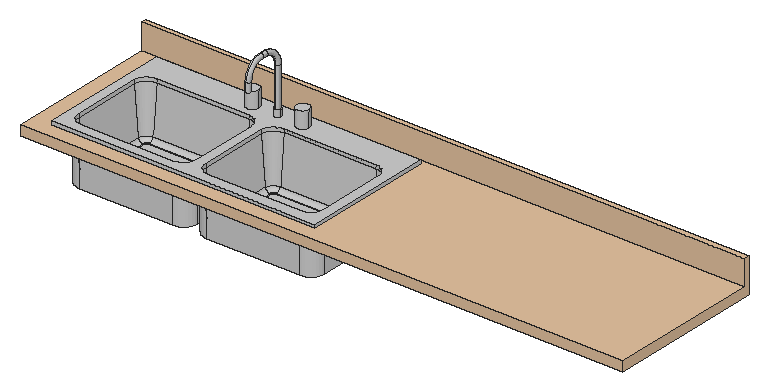
Revit family "bdcf0936bb3a4228bcbed274ebc10118", category Casework, Revit 2021
Family settings
  OmniClass Number = 23.40.35.17.47.11
  OmniClass Title = Kitchen Casework
  Seek Item ID = Counter Top w Sink-0000-USA-ENU
  Work Plane-Based = No
  Always vertical = Yes
  Cut with Voids When Loaded = No
  Shared = Yes
  Room Calculation Point = No
Parameters (values of type "24" Depth")
  Default Elevation = 0' - 0"
  Assembly Code = "C1030400"
  Counter Thickness = 0' - 1 1/2"
  Counter Top Material = none
  Depth = 2' - 1"
  Height = 3' - 0"
  Length [instance] = 8' - 0"
  Sink Location [instance] = 2' - 0"
  Sink Location To Wall [instance] = 0' - 6"
  Sink Opening Depth [instance] = 1' - 3"
  Sink Opening Width [instance] = 3' - 3"
Reference planes (in)
  plane 1 "Back": y = 0
  plane 2: z = 0
  plane 3 "Left": x = -47.2623
  plane 4 "Right": x = 48.7377
  plane 5 "Front": y = -25
  plane 6 "Top": z = 36
  plane 7 "Top Of Cabinet": z = 34.5
  plane 8: y = -0.75
  plane 9: z = 40
  plane 10: x = -23.2623
  plane 11: y = -6
  plane 12: x = -3.7623
  plane 13: y = -21
  plane 14: x = -42.7623
  plane 15: y = -5.5
  plane 16: x = -3.2623
  plane 17: y = -21.5
  plane 18: x = -43.2623
Forms (in)
  Extrusion 1, solid, material <- "Counter Top Material"
    sketch origin (0, 0, 0) x (1, 0, 0) y (0, 1, 0)
      loop
        line (-47.2623, 0) -> (-47.2623, -25) -> (48.7377, -25) -> (48.7377, 0) -> (-47.2623, 0)
    from 34.5 to 36
  Extrusion 2, solid, material <- "Counter Top Material"
    sketch origin (0, 0, 0) x (1, 0, 0) y (0, 1, 0)
      loop
        line (48.7377, 0) -> (-47.2623, 0) -> (-47.2623, -0.75) -> (48.7377, -0.75) -> (48.7377, 0)
    from 36 to 40
  Extrusion 3, void
    sketch origin (0, 0, 0) x (1, 0, 0) y (0, 1, 0)
      loop
        arc (-41.2623, -5.5) -> (-42.67651, -6.08579) -> (-43.2623, -7.5) r 2
        line (-43.2623, -7.5) -> (-43.2623, -19.5)
        arc (-43.2623, -19.5) -> (-42.67651, -20.91421) -> (-41.2623, -21.5) r 2
        line (-41.2623, -21.5) -> (-5.2623, -21.5)
        arc (-5.2623, -21.5) -> (-3.84808, -20.91421) -> (-3.2623, -19.5) r 2
        line (-3.2623, -19.5) -> (-3.2623, -7.5)
        arc (-3.2623, -7.5) -> (-3.84808, -6.08579) -> (-5.2623, -5.5) r 2
        line (-5.2623, -5.5) -> (-41.2623, -5.5)
    from 34.5 to 36
Cuts and joins
  Extrusion 3 cuts Extrusion 1
  Extrusion 3 cuts Extrusion 2
  joined: Extrusion 1, Extrusion 2
Lines and regions (in)
  Masking region 1
    outline origin (0, 0, 34.5) x (0, -1, 0) y (1, 0, 0)
      loop
        line (0, -47.2623) -> (25, -47.2623) -> (25, 48.7377) -> (0, 48.7377) -> (0, -47.2623)
  symbolic lines, style "Counter Top"
    curve 1: line (-47.2623, -0.75, 34.5) -> (48.7377, -0.75, 34.5)
  symbolic lines, style "Sink Opening"
    curve 2: line (-40.7623, -6, 34.5) -> (-5.7623, -6, 34.5)
    curve 3: line (-42.7623, -19, 34.5) -> (-42.7623, -8, 34.5)
    curve 4: line (-5.7623, -21, 34.5) -> (-40.7623, -21, 34.5)
    curve 5: line (-3.7623, -8, 34.5) -> (-3.7623, -19, 34.5)
    curve 6: arc (-42.7623, -8, 34.5) -> (-42.17651, -6.58579, 34.5) -> (-40.7623, -6, 34.5) r 2
    curve 7: arc (-5.7623, -6, 34.5) -> (-4.34808, -6.58579, 34.5) -> (-3.7623, -8, 34.5) r 2
    curve 8: arc (-3.7623, -19, 34.5) -> (-4.34808, -20.41421, 34.5) -> (-5.7623, -21, 34.5) r 2
    curve 9: arc (-40.7623, -21, 34.5) -> (-42.17651, -20.41421, 34.5) -> (-42.7623, -19, 34.5) r 2
Dimensions and locks (in)
  "Depth": plane 5 "Front" to plane 1 "Back"
  "Length": plane 3 "Left" to plane 4 "Right"
  "Height": level to plane 6 "Top"
  "Counter Thickness": plane 7 "Top Of Cabinet" to plane 6 "Top"
  locked: plane 8 to plane 1 "Back" at 0.75
  plane 6 "Top" to plane 9 = 0' - 4"
  "Sink Opening Width": plane 14 to plane 12
  "Sink Opening Depth": plane 13 to plane 11
  "Sink Location": plane 3 "Left" to plane 10
  equal spacing: plane 14, plane 10, plane 12
  "Sink Location To Wall": plane 11 to plane 1 "Back"
  locked: plane 11 to plane 15 at 0.5
  locked: plane 17 to plane 13 at 0.5
  locked: plane 18 to plane 14 at 0.5
  locked: plane 12 to plane 16 at 0.5
  equal spacing: plane 13, nested 1, plane 11
  "Sink Location": plane 3 "Left" to nested 1
  "Height": nested 1 to level
  aligned and locked: plane 1 "Back" to Extrusion 1 sketch curve
  aligned and locked: plane 4 "Right" to Extrusion 1 sketch curve
  aligned and locked: Extrusion 1 sketch curve to plane 5 "Front"
  aligned and locked: Extrusion 1 sketch curve to plane 3 "Left"
  aligned and locked: Extrusion 1 to plane 6 "Top"
  aligned and locked: Extrusion 1 to plane 7 "Top Of Cabinet"
  aligned and locked: Extrusion 2 sketch curve to plane 1 "Back"
  aligned and locked: plane 8 to Extrusion 2 sketch curve
  aligned and locked: Extrusion 2 sketch curve to plane 4 "Right"
  aligned and locked: plane 3 "Left" to Extrusion 2 sketch curve
  aligned and locked: Extrusion 2 to plane 9
  aligned and locked: plane 6 "Top" to Extrusion 2
  aligned and locked: Extrusion 3 to plane 6 "Top"
  aligned and locked: Extrusion 1 to Extrusion 3
  aligned and locked: Extrusion 3 sketch curve to plane 15
  aligned and locked: plane 16 to Extrusion 3 sketch curve
  aligned and locked: Extrusion 3 sketch curve to plane 17
  aligned and locked: Extrusion 3 sketch curve to plane 18
  aligned and locked: plane 4 "Right" to Masking region 1 sketch curve
  aligned and locked: Masking region 1 sketch curve to plane 5 "Front"
  aligned and locked: Masking region 1 sketch curve to plane 3 "Left"
  aligned and locked: plane 1 "Back" to Masking region 1 sketch curve
Automatic sketch dimensions
  Extrusion 3 sketch curve to plane 14 = 0' - 1 1/2"  (x2)
  plane 11 to Extrusion 3 sketch curve = 0' - 1 1/2"
  plane 12 to Extrusion 3 sketch curve = 0' - 1 1/2"
  curve 1 to plane 4 "Right" = 0' - 0"
  curve 1 to plane 8 = 0' - 0"
  curve 1 to plane 3 "Left" = 0' - 0"
  curve 7 to plane 11 = 0' - 0"
  curve 3 to plane 14 = 0' - 0"
  curve 7 to plane 12 = 0' - 0"
  curve 8 to plane 13 = 0' - 0"
  curve 7 to curve 7 = 0' - 2"
  curve 6 to curve 6 = 0' - 2"
  curve 5 to plane 13 = 0' - 2"
  curve 9 to plane 13 = 0' - 2"
Nested families (in)
  nested 1: "Sink Kitchen-Double" at (-23.87998, -12.09234, 0), type "42" x 21""
Definition of nested family "Sink Kitchen-Double"
  Parameters
    Default Elevation = 0' - 0"
    Assembly Code = "D2010410"
    Counter Height = 3' - 0"
    Depth = 1' - 9"
    Faucet Material = none
    Sink Material = none
    Width = 3' - 6"
  Reference planes (in)
    plane 1 "Center (Front/Back)": y = -1.40766
    plane 2: z = 0
    plane 3 "Center (Left/Right)": x = 0.61769
    plane 4: y = 10.59234
    plane 5: y = -10.40766
    plane 6: x = -20.38231
    plane 7: x = 21.61769
    plane 8 "Top Of Counter": z = 36
    plane 9: z = 36.5
    plane 10: z = 27.5
    plane 11: y = 6.09234
    plane 12: x = -18.88231
    plane 13: y = -8.90766
    plane 14: x = 20.11769
    plane 15: x = -3.38231
    plane 16: x = 4.61769
    plane 17: y = 8.34234
    plane 18: y = 8.34234
    plane 19: y = 8.34234
    plane 20: z = 46.375
    plane 21: y = 2.46734
    plane 22: z = 39
    plane 23: z = 37.5
    plane 24: x = -0.13231
    plane 25: x = 1.36769
    plane 26: x = -9.13231
    plane 27: x = 10.36769
    plane 28: z = 27.875
  Forms (in)
    Extrusion 1, solid, material <- "Sink Material"
      sketch origin (0, 0, 0) x (1, 0, 0) y (0, 1, 0)
        loop
          line (-20.38231, 10.59234) -> (-20.38231, -10.40766) -> (21.61769, -10.40766) -> (21.61769, 10.59234) -> (-20.38231, 10.59234)
        loop
          arc (-16.88231, 6.09234) -> (-18.29653, 5.50655) -> (-18.88231, 4.09234) r 2
          line (-18.88231, 4.09234) -> (-18.88231, -6.90766)
          arc (-18.88231, -6.90766) -> (-18.29653, -8.32187) -> (-16.88231, -8.90766) r 2
          line (-16.88231, -8.90766) -> (-2.13231, -8.90766)
          arc (-2.13231, -8.90766) -> (-0.7181, -8.32187) -> (-0.13231, -6.90766) r 2
          line (-0.13231, -6.90766) -> (-0.13231, 4.09234)
          arc (-0.13231, 4.09234) -> (-0.7181, 5.50655) -> (-2.13231, 6.09234) r 2
          line (-2.13231, 6.09234) -> (-16.88231, 6.09234)
        loop
          arc (18.11769, -8.90766) -> (19.5319, -8.32187) -> (20.11769, -6.90766) r 2
          line (20.11769, -6.90766) -> (20.11769, 4.09234)
          arc (20.11769, 4.09234) -> (19.5319, 5.50655) -> (18.11769, 6.09234) r 2
          line (18.11769, 6.09234) -> (3.36769, 6.09234)
          arc (3.36769, 6.09234) -> (1.95347, 5.50655) -> (1.36769, 4.09234) r 2
          line (1.36769, 4.09234) -> (1.36769, -6.90766)
          arc (1.36769, -6.90766) -> (1.95347, -8.32187) -> (3.36769, -8.90766) r 2
          line (3.36769, -8.90766) -> (18.11769, -8.90766)
      from 36 to 36.5
    Sweep 2, solid, material <- "Sink Material"
      path origin (0, 0, 0) x (1, 0, 0) y (0, 1, 0)
        loop
          arc (-16.88231, 6.09234) -> (-18.29653, 5.50655) -> (-18.88231, 4.09234) r 2
          line (-18.88231, 4.09234) -> (-18.88231, -6.90766)
          arc (-18.88231, -6.90766) -> (-18.29653, -8.32187) -> (-16.88231, -8.90766) r 2
          line (-16.88231, -8.90766) -> (-2.13231, -8.90766)
          arc (-2.13231, -8.90766) -> (-0.7181, -8.32187) -> (-0.13231, -6.90766) r 2
          line (-0.13231, -6.90766) -> (-0.13231, 4.09234)
          arc (-0.13231, 4.09234) -> (-0.7181, 5.50655) -> (-2.13231, 6.09234) r 2
          line (-2.13231, 6.09234) -> (-16.88231, 6.09234)
      profile origin (-9.50731, 0, 0) x (0, 1, 0) y (0, 0, 1)
        loop
          line (6.09234, 36) -> (5.44139, 28.55963)
          arc (5.44139, 28.55963) -> (5.20094, 28.07204) -> (4.69424, 27.875) r 0.75
          line (4.69424, 27.875) -> (4.59234, 27.875) -> (4.59234, 27.5) -> (6.34234, 27.5) -> (6.34234, 36) -> (6.09234, 36)
    Extrusion 3, solid, material <- "Sink Material"
      sketch origin (0, 0, 0) x (1, 0, 0) y (0, 1, 0)
        loop
          arc (-16.88231, 4.59234) -> (-17.23587, 4.44589) -> (-17.38231, 4.09234) r 0.5
          line (-17.38231, 4.09234) -> (-17.38231, -6.90766)
          arc (-17.38231, -6.90766) -> (-17.23587, -7.26121) -> (-16.88231, -7.40766) r 0.5
          line (-16.88231, -7.40766) -> (-2.13231, -7.40766)
          arc (-2.13231, -7.40766) -> (-1.77876, -7.26121) -> (-1.63231, -6.90766) r 0.5
          line (-1.63231, -6.90766) -> (-1.63231, 4.09234)
          arc (-1.63231, 4.09234) -> (-1.77876, 4.44589) -> (-2.13231, 4.59234) r 0.5
          line (-2.13231, 4.59234) -> (-16.88231, 4.59234)
        loop
          circle (-9.13231, -1.40766) r 1
      from 27.5 to 27.875
    Extrusion 4, solid, material <- "Faucet Material"
      sketch origin (0, 0, 0) x (1, 0, 0) y (0, 1, 0)
        loop
          circle (-3.38231, 8.34234) r 1
        loop
          circle (4.61769, 8.34234) r 1
      from 36.5 to 39
    Sweep 5, solid, material <- "Faucet Material"
      path origin (0.61769, 0, 0) x (0, 1, 0) y (0, 0, 1)
        loop
          line (8.34234, 36.5) -> (8.34234, 43.875)
          arc (8.34234, 43.875) -> (7.61011, 45.64277) -> (5.84234, 46.375) r 2.5
          line (5.84234, 46.375) -> (4.96734, 46.375)
          arc (4.96734, 46.375) -> (3.19957, 45.64277) -> (2.46734, 43.875) r 2.5
          line (2.46734, 43.875) -> (2.46734, 42.5)
      profile origin (0.61769, 0, 40.1875) x (0, -1, 0) y (1, 0, 0)
        loop
          circle (-8.34234, 0) r 0.375
    Extrusion 6, solid, material <- "Faucet Material"
      sketch origin (0, 0, 0) x (1, 0, 0) y (0, 1, 0)
        loop
          circle (0.61769, 8.34234) r 0.5
      from 36.5 to 37.5
    Sweep 7, solid, material <- "Sink Material"
      path origin (1.23537, 0, 0) x (-1, 0, 0) y (0, -1, 0)
        loop
          line (-16.88231, -6.09234) -> (-2.13231, -6.09234)
          arc (-2.13231, -6.09234) -> (-0.7181, -5.50655) -> (-0.13231, -4.09234) r 2
          line (-0.13231, -4.09234) -> (-0.13231, 6.90766)
          arc (-0.13231, 6.90766) -> (-0.7181, 8.32187) -> (-2.13231, 8.90766) r 2
          line (-2.13231, 8.90766) -> (-16.88231, 8.90766)
          arc (-16.88231, 8.90766) -> (-18.29653, 8.32187) -> (-18.88231, 6.90766) r 2
          line (-18.88231, 6.90766) -> (-18.88231, -4.09234)
          arc (-18.88231, -4.09234) -> (-18.29653, -5.50655) -> (-16.88231, -6.09234) r 2
      profile origin (10.74269, 0, 0) x (0, -1, 0) y (0, 0, 1)
        loop
          line (-6.09234, 36) -> (-6.34234, 36) -> (-6.34234, 27.5) -> (-4.59234, 27.5) -> (-4.59234, 27.875) -> (-4.69424, 27.875)
          arc (-4.69424, 27.875) -> (-5.20094, 28.07204) -> (-5.44139, 28.55963) r 0.75
          line (-5.44139, 28.55963) -> (-6.09234, 36)
    Extrusion 8, solid, material <- "Sink Material"
      sketch origin (0, 0, 0) x (1, 0, 0) y (0, 1, 0)
        loop
          arc (3.36769, 4.69424) -> (3.01413, 4.5478) -> (2.86769, 4.19424) r 0.5
          line (2.86769, 4.19424) -> (2.86769, -6.90766)
          arc (2.86769, -6.90766) -> (3.01413, -7.26121) -> (3.36769, -7.40766) r 0.5
          line (3.36769, -7.40766) -> (18.11769, -7.40766)
          arc (18.11769, -7.40766) -> (18.47124, -7.26121) -> (18.61769, -6.90766) r 0.5
          line (18.61769, -6.90766) -> (18.61769, 4.19424)
          arc (18.61769, 4.19424) -> (18.47124, 4.5478) -> (18.11769, 4.69424) r 0.5
          line (18.11769, 4.69424) -> (3.36769, 4.69424)
        loop
          circle (10.36769, -1.40766) r 1
      from 27.5 to 27.875
  Cuts and joins
    joined: Extrusion 1, Sweep 2, Sweep 7
    joined: Sweep 5, Extrusion 6
  Lines and regions (in)
    Masking region 1
      outline origin (0, 0, 36) x (0, -1, 0) y (1, 0, 0)
        loop
          line (-10.59234, -20.38231) -> (10.40766, -20.38231) -> (10.40766, 21.61769) -> (-10.59234, 21.61769) -> (-10.59234, -20.38231)
    symbolic lines
      curve 1: line (-18.88231, 4.09234, 36) -> (-18.88231, -6.90766, 36)
      curve 2: line (-16.88231, -8.90766, 36) -> (-2.13231, -8.90766, 36)
      curve 3: line (20.11769, -6.90766, 36) -> (20.11769, 4.09234, 36)
      curve 4: line (18.11769, 6.09234, 36) -> (3.36769, 6.09234, 36)
      curve 5: arc (20.11769, 4.09234, 36) -> (19.5319, 5.50655, 36) -> (18.11769, 6.09234, 36) r 2
      curve 6: arc (18.11769, -8.90766, 36) -> (19.5319, -8.32187, 36) -> (20.11769, -6.90766, 36) r 2
      curve 7: arc (-18.88231, -6.90766, 36) -> (-18.29653, -8.32187, 36) -> (-16.88231, -8.90766, 36) r 2
      curve 8: arc (-16.88231, 6.09234, 36) -> (-18.29653, 5.50655, 36) -> (-18.88231, 4.09234, 36) r 2
      curve 9: arc (1.11769, 8.34234, 36) -> (0.61769, 8.84234, 36) -> (0.11769, 8.34234, 36) r 0.5
      curve 10: line (0.11769, 8.34234, 36) -> (0.11769, 0.59234, 36)
      curve 11: line (1.11769, 8.34234, 36) -> (1.11769, 0.59234, 36)
      curve 12: arc (1.11769, 0.59234, 36) -> (0.61769, 0.09234, 36) -> (0.11769, 0.59234, 36) r 0.5
      curve 13: line (-0.13231, 4.09234, 36) -> (-0.13231, -6.90766, 36)
      curve 14: line (1.36769, 4.09234, 36) -> (1.36769, -6.90766, 36)
      curve 15: line (3.36769, -8.90766, 36) -> (18.11769, -8.90766, 36)
      curve 16: line (-2.13231, 6.09234, 36) -> (-16.88231, 6.09234, 36)
      curve 17: arc (3.36769, 6.09234, 36) -> (1.95347, 5.50655, 36) -> (1.36769, 4.09234, 36) r 2
      curve 18: arc (1.36769, -6.90766, 36) -> (1.95347, -8.32187, 36) -> (3.36769, -8.90766, 36) r 2
      curve 19: arc (-0.13231, -6.90766, 36) -> (-0.7181, -8.32187, 36) -> (-2.13231, -8.90766, 36) r 2
      curve 20: arc (-0.13231, 4.09234, 36) -> (-0.7181, 5.50655, 36) -> (-2.13231, 6.09234, 36) r 2
      curve 21: arc (-10.13231, -1.40766, 36) -> (-9.13231, -0.40766, 36) -> (-8.13231, -1.40766, 36) r 1
      curve 22: arc (-8.13231, -1.40766, 36) -> (-9.13231, -2.40766, 36) -> (-10.13231, -1.40766, 36) r 1
      curve 23: arc (9.36769, -1.40766, 36) -> (10.36769, -0.40766, 36) -> (11.36769, -1.40766, 36) r 1
      curve 24: arc (11.36769, -1.40766, 36) -> (10.36769, -2.40766, 36) -> (9.36769, -1.40766, 36) r 1
      curve 25: arc (-4.38231, 8.34234, 36) -> (-3.38231, 7.34234, 36) -> (-2.38231, 8.34234, 36) r 1
      curve 26: arc (-2.38231, 8.34234, 36) -> (-3.38231, 9.34234, 36) -> (-4.38231, 8.34234, 36) r 1
      curve 27: arc (3.61769, 8.34234, 36) -> (4.61769, 7.34234, 36) -> (5.61769, 8.34234, 36) r 1
      curve 28: arc (5.61769, 8.34234, 36) -> (4.61769, 9.34234, 36) -> (3.61769, 8.34234, 36) r 1
  Dimensions and locks (in)
    equal spacing: plane 6, plane 3 "Center (Left/Right)", plane 7
    "Width": plane 6 to plane 7
    "Depth": plane 5 to plane 4
    "Counter Height": plane 8 "Top Of Counter" to plane 2
    locked: plane 9 to plane 8 "Top Of Counter" at 0.5
    locked: plane 8 "Top Of Counter" to plane 10 at 8.5
    locked: plane 6 to plane 12 at 1.5
    locked: plane 14 to plane 7 at 1.5
    locked: plane 11 to plane 4 at 4.5
    locked: plane 5 to plane 13 at 1.5
    equal spacing: plane 11, plane 17, plane 4
    equal spacing: plane 11, plane 18, plane 4
    equal spacing: plane 4, plane 19, plane 11
    locked: plane 19 to plane 21 at 5.875
    locked: plane 20 to plane 9 at 9.875
    locked: plane 22 to plane 9 at 2.5
    locked: plane 23 to plane 9 at 1
    plane 24 to plane 3 "Center (Left/Right)" to plane 25 = 0' - 0 3/4" locked, 0' - 0 3/4" locked
    equal spacing: plane 12, plane 26, plane 3 "Center (Left/Right)"
    equal spacing: plane 3 "Center (Left/Right)", plane 27, plane 14
    equal spacing: plane 13, plane 1 "Center (Front/Back)", plane 11
    locked: plane 15 to plane 3 "Center (Left/Right)" at 4
    locked: plane 3 "Center (Left/Right)" to plane 16 at 4
    locked: plane 28 to plane 10 at 0.375
    aligned and locked: Extrusion 1 sketch curve to plane 5
    aligned and locked: plane 7 to Extrusion 1 sketch curve
    aligned and locked: plane 4 to Extrusion 1 sketch curve
    aligned and locked: Extrusion 1 sketch curve to plane 6
    aligned and locked: plane 8 "Top Of Counter" to Extrusion 1
    aligned and locked: Extrusion 1 to plane 9
    aligned and locked: plane 11 to Extrusion 1 sketch curve
    aligned and locked: plane 14 to Extrusion 1 sketch curve
    aligned and locked: Extrusion 1 sketch curve to plane 12
    aligned and locked: Extrusion 1 sketch curve to plane 13
    aligned and locked: plane 11 to Sweep 2 sketch curve
    aligned and locked: Sweep 2 sketch curve to plane 12
    aligned and locked: Sweep 2 sketch curve to plane 13
    aligned and locked: Sweep 2 to Extrusion 3 sketch curve  (x4)
    aligned and locked: plane 10 to Extrusion 3
    aligned and locked: Sweep 2 sketch curve to plane 10
    aligned and locked: plane 8 "Top Of Counter" to Sweep 2 sketch curve
    aligned and locked: Extrusion 4 to Extrusion 1
    aligned and locked: Extrusion 6 to Extrusion 1
    aligned and locked: Sweep 5 sketch curve to plane 19
    aligned and locked: plane 20 to Sweep 5 sketch curve
    aligned and locked: plane 21 to Sweep 5 sketch curve
    aligned and locked: Extrusion 4 to plane 22
    aligned and locked: Extrusion 6 to plane 23
    aligned and locked: Sweep 2 sketch curve to Extrusion 1
    aligned and locked: Sweep 7 sketch curve to plane 14
    aligned and locked: Sweep 7 sketch curve to Extrusion 1
    aligned and locked: Sweep 7 sketch curve to plane 11
    aligned and locked: plane 13 to Sweep 7 sketch curve
    aligned and locked: plane 10 to Extrusion 8
    aligned and locked: curve 21 to Extrusion 3
    aligned and locked: curve 23 to Extrusion 8
    aligned and locked: Extrusion 8 sketch curve to Sweep 7
    aligned and locked: Sweep 7 sketch curve to plane 8 "Top Of Counter"
    aligned and locked: plane 10 to Sweep 7 sketch curve
    aligned and locked: plane 4 to Masking region 1 sketch curve
    aligned and locked: plane 7 to Masking region 1 sketch curve
    aligned and locked: Masking region 1 sketch curve to plane 5
    aligned and locked: Masking region 1 sketch curve to plane 6
    aligned and locked: plane 15 to Extrusion 4 sketch curve
    aligned and locked: plane 17 to Extrusion 4 sketch curve  (x2)
    aligned and locked: plane 16 to Extrusion 4 sketch curve
    aligned and locked: curve 25 to Extrusion 4
    aligned and locked: curve 27 to Extrusion 4
    aligned and locked: Extrusion 3 to plane 28
    aligned and locked: Extrusion 8 to plane 28
  Automatic sketch dimensions
    Sweep 2 sketch curve to profile plane = 0' - 0"
    profile plane to Sweep 2 sketch curve = 0' - 0.65095"
    Sweep 2 sketch curve to Sweep 2 sketch curve = 0' - 0.74715"
    Sweep 2 sketch curve to Sweep 2 sketch curve = 0' - 0.10191"
    Sweep 2 sketch curve to profile plane = 0' - 0 1/4"
    Sweep 2 sketch curve to Sweep 2 sketch curve = 0' - 0 3/8"
    Sweep 2 sketch curve to Sweep 2 sketch curve = 0' - 0.68463"
    plane 15 to Extrusion 4 sketch curve = 0' - 1"
    plane 16 to Extrusion 4 sketch curve = 0' - 1"
    Sweep 5 sketch curve to plane 3 "Center (Left/Right)" = 0' - 0"
    Sweep 5 sketch curve to profile plane = 0' - 0"
    profile plane to Sweep 5 sketch curve = 0' - 0 3/8"
    Extrusion 6 sketch curve to plane 18 = 0' - 0"
    Extrusion 6 sketch curve to plane 3 "Center (Left/Right)" = 0' - 0"
    Extrusion 6 sketch curve to plane 3 "Center (Left/Right)" = 0' - 0 1/2"
    Sweep 5 sketch curve to plane 9 = 0' - 0"
    Sweep 5 sketch curve to Sweep 5 sketch curve = 0' - 2 1/2"
    plane 11 to Sweep 5 sketch curve = 0' - 0 1/4"
    Sweep 5 sketch curve to Sweep 5 sketch curve = 0' - 1 3/8"
    Extrusion 1 sketch curve to plane 13 = 0' - 0"
    Extrusion 1 sketch curve to plane 24 = 0' - 0"
    Extrusion 1 sketch curve to plane 25 = 0' - 0"
    Extrusion 1 sketch curve to plane 11 = 0' - 0"
    Extrusion 1 sketch curve to plane 12 = 0' - 2"  (x2)
    Extrusion 1 sketch curve to plane 3 "Center (Left/Right)" = 0' - 2 3/4"  (x2)
    plane 3 "Center (Left/Right)" to Extrusion 1 sketch curve = 0' - 2 3/4"  (x2)
    plane 14 to Extrusion 1 sketch curve = 0' - 2"
    Extrusion 1 sketch curve to Extrusion 1 sketch curve = 0' - 2"
    Sweep 2 sketch curve to plane 12 = 0' - 2"  (x2)
    Sweep 2 sketch curve to plane 3 "Center (Left/Right)" = 0' - 2 3/4"  (x2)
    plane 14 to Sweep 7 sketch curve = 0' - 2"  (x2)
    Sweep 7 sketch curve to Sweep 7 sketch curve = 0' - 2"
    plane 3 "Center (Left/Right)" to Sweep 7 sketch curve = 0' - 2 3/4"
    Extrusion 3 sketch curve to plane 1 "Center (Front/Back)" = 0' - 0"
    Extrusion 3 sketch curve to plane 26 = 0' - 0"
    Extrusion 3 sketch curve to Extrusion 3 sketch curve = 0' - 0 1/2"  (x4)
    plane 26 to Extrusion 3 sketch curve = 0' - 1"
    Extrusion 8 sketch curve to plane 1 "Center (Front/Back)" = 0' - 0"
    Extrusion 8 sketch curve to plane 27 = 0' - 0"
    plane 27 to Extrusion 8 sketch curve = 0' - 1"
    plane 3 "Center (Left/Right)" to Extrusion 8 sketch curve = 0' - 2 3/4"  (x2)
    Extrusion 8 sketch curve to Extrusion 8 sketch curve = 0' - 0 1/2"  (x2)
    plane 11 to Extrusion 8 sketch curve = 0' - 1.89809"
    Extrusion 8 sketch curve to plane 13 = 0' - 2"
    plane 7 to Extrusion 8 sketch curve = 0' - 3 1/2"
    Sweep 7 sketch curve to profile plane = 0' - 0"
    profile plane to Sweep 7 sketch curve = 0' - 0 1/4"
    Sweep 7 sketch curve to profile plane = 0' - 0.65095"
    Sweep 7 sketch curve to Sweep 7 sketch curve = 0' - 0.74715"
    Sweep 7 sketch curve to Sweep 7 sketch curve = 0' - 0.10191"
    Sweep 7 sketch curve to Sweep 7 sketch curve = 0' - 0.06537"
    Sweep 7 sketch curve to Sweep 7 sketch curve = 0' - 1.05963"
    curve 20 to plane 11 = 0' - 0"
    curve 17 to plane 11 = 0' - 0"
    curve 5 to plane 14 = 0' - 0"
    curve 1 to plane 12 = 0' - 0"
    curve 12 to plane 3 "Center (Left/Right)" = 0' - 0"
    curve 7 to plane 13 = 0' - 0"
    curve 18 to plane 13 = 0' - 0"
    plane 4 to curve 11 = 0' - 2 1/4"
    plane 11 to curve 5 = 0' - 2"
    plane 11 to curve 8 = 0' - 2"
    curve 13 to plane 3 "Center (Left/Right)" = 0' - 0 3/4"
    curve 14 to curve 13 = 0' - 0"
    curve 11 to plane 1 "Center (Front/Back)" = 0' - 2"
    plane 3 "Center (Left/Right)" to curve 14 = 0' - 0 3/4"
    curve 14 to plane 13 = 0' - 2"
    curve 13 to curve 14 = 0' - 0"
    curve 1 to plane 13 = 0' - 2"
    curve 6 to plane 13 = 0' - 2"
    curve 9 to plane 3 "Center (Left/Right)" = 0' - 0 1/2"
    curve 4 to curve 27 = 0' - 0 1/4"
